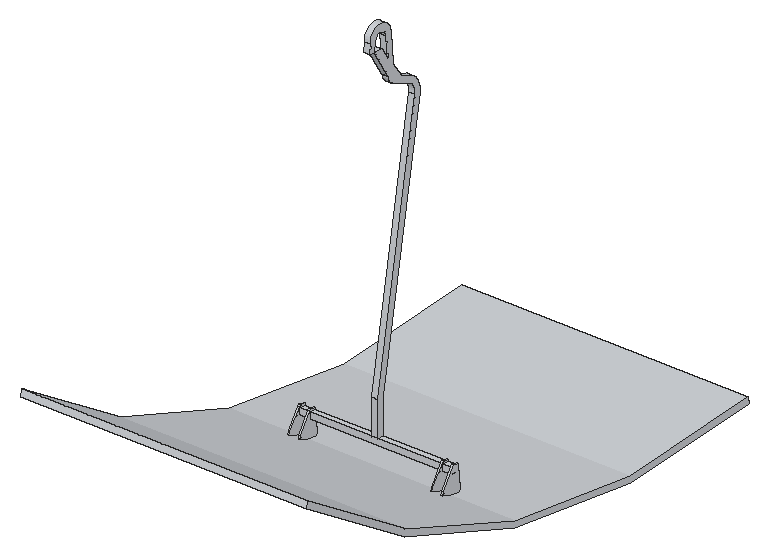
Revit family "8ft Forte Ceiling Panel", category Furniture, Revit 2011
Parameters (values of type "Forte 6' Ceiling")
  URL = "http://www.wengercorp.com/Home/Contact.html"
  Toekick Material [instance] = none
  RH End Panel [instance] = no
  Model = "60"
  Manufacturer = "Wenger Corporation"
  LH End Panel [instance] = no
  End Panel Material [instance] = none
  Edge Banding Material [instance] = none
  Door Material [instance] = none
  Description = "Standard 16' Forte Tower"
  Assembly Code = ""
Reference planes (in)
  plane 1 "Top View 2D location": z = 270
  plane 2: x = 22.64221
  plane 3: x = 46.64221
  plane 4: x = 34.64221
  plane 5: y = 855.02239
  plane 6: z = 199.94228
Forms (in)
  Extrusion 1, solid
    sketch origin (58.64221, 215.19255, -2.80995) x (0, -0.994874, -0.101123) y (0, -0.101123, 0.994874)
      loop
        arc (-614.16351, 160.74898) -> (-655.27769, 134.38354) -> (-703.49652, 126.60806) r 119.86705
        line (-703.49652, 126.60806) -> (-703.42534, 125.61)
        arc (-703.42534, 125.61) -> (-655.02787, 133.38016) -> (-613.69786, 159.73393) r 120.84666
        line (-613.69786, 159.73393) -> (-614.16351, 160.74898)
    from 0 to 48
  Extrusion 2, solid
    sketch origin (47.39227, 177.94081, 64.71877) x (0, 1, 0) y (0, 0, 1)
      loop
        line (674.00797, 132.83014) -> (677.38539, 131.92516) -> (677.56163, 132.58292) -> (677.27009, 136.39071) -> (676.32685, 136.64345) -> (674.17486, 133.45299) -> (674.00797, 132.83014)
    from 0 to 0.25
  Extrusion 3, solid
    sketch origin (45.64221, 177.94081, 64.71877) x (0, 1, 0) y (0, 0, 1)
      loop
        line (674.00797, 132.83014) -> (677.38539, 131.92516) -> (677.56163, 132.58292) -> (677.27009, 136.39071) -> (676.32685, 136.64345) -> (674.17486, 133.45299) -> (674.00797, 132.83014)
    from 0 to 0.25
  Extrusion 4, solid
    sketch origin (23.39227, 177.94081, 64.71877) x (0, 1, 0) y (0, 0, 1)
      loop
        line (674.00797, 132.83014) -> (677.38539, 131.92516) -> (677.56163, 132.58292) -> (677.27009, 136.39071) -> (676.32685, 136.64345) -> (674.17486, 133.45299) -> (674.00797, 132.83014)
    from 0 to 0.25
  Extrusion 5, solid
    sketch origin (21.64221, 177.94081, 64.71877) x (0, 1, 0) y (0, 0, 1)
      loop
        line (674.00797, 132.83014) -> (677.38539, 131.92516) -> (677.56163, 132.58292) -> (677.27009, 136.39071) -> (676.32685, 136.64345) -> (674.17486, 133.45299) -> (674.00797, 132.83014)
    from 0 to 0.25
  Extrusion 6, solid
    sketch origin (47.64221, 177.94081, 64.71877) x (0, -1, 0) y (0, 0, 1)
      loop
        line (-676.08984, 136.22351) -> (-677.08984, 136.22351) -> (-677.08984, 135.22351) -> (-676.08984, 135.22351) -> (-676.08984, 136.22351)
    from -0.00006 to 26
  Extrusion 7, solid
    sketch origin (35.14221, 177.94081, 64.71877) x (0, -1, 0) y (0, 0, 1)
      loop
        line (-676.08984, 136.22351) -> (-676.08984, 142.15091) -> (-683.74531, 184.74649)
        arc (-683.74531, 184.74649) -> (-683.52247, 186.04739) -> (-682.53733, 186.92575) r 1.99868
        line (-682.53733, 186.92575) -> (-679.18968, 188.30833)
        arc (-679.18968, 188.30833) -> (-678.51213, 188.86132) -> (-678.25322, 189.69669) r 1.51471
        line (-678.25322, 189.69669) -> (-678.22809, 189.98616) -> (-678.11876, 189.92046) -> (-675.41481, 194.42059) -> (-675.61622, 194.54161) -> (-676.79761, 194.54161) -> (-678.02626, 192.52702) -> (-677.71045, 196.13677)
        arc (-677.71045, 196.13677) -> (-676.60544, 197.16721) -> (-675.46514, 196.17596) r 1.12901
        line (-675.46514, 196.17596) -> (-675.28077, 194.67438) -> (-674.29725, 194.79514) -> (-674.47868, 196.27279)
        arc (-674.47868, 196.27279) -> (-676.48611, 198.40857) -> (-678.68271, 196.46788) r 2.10527
        line (-678.68271, 196.46788) -> (-679.13378, 191.31212) -> (-681.0882, 188.62209) -> (-683.26307, 187.69892) -> (-683.58867, 187.4793) -> (-683.92627, 187.17532) -> (-684.22577, 186.8184) -> (-684.46298, 186.45311) -> (-684.66827, 185.88909) -> (-684.74174, 185.54344) -> (-684.77793, 185.12974) -> (-684.72834, 184.56291) -> (-677.11492, 142.20128) -> (-677.10486, 142.08627) -> (-677.08984, 141.91467) -> (-677.08984, 136.22351) -> (-676.08984, 136.22351)
    from 0 to 1
Dimensions and locks (in)
  equal spacing: plane 2, plane 4, plane 3, locked at 12 each
  Extrusion 1 sketch curve to Extrusion 1 sketch curve = 0' - 1.11676"
  locked: Extrusion 1 sketch curve to Extrusion 1 sketch curve at 1.00059
  Extrusion 1 to Extrusion 5 to Extrusion 4 to Extrusion 7 to Extrusion 7 to Extrusion 3 to Extrusion 2 to Extrusion 1 = 0' - 11 1/4", 0' - 1.75006" locked, 0' - 10.49994" locked, 0' - 1" locked, 0' - 10 1/2" locked, 0' - 1.75006" locked, 0' - 11.24994"
  locked: Extrusion 2 to Extrusion 2 at 0.25
  locked: Extrusion 3 to Extrusion 3 at 0.25
  Extrusion 7 to Extrusion 7 = 0' - 1"
  locked: Extrusion 4 to Extrusion 4 at 0.25
  locked: Extrusion 5 to Extrusion 5 at 0.25
  plane 5 to Extrusion 7 = 0' - 7.69636"
  Extrusion 2 to plane 6 = 0' - 1.41994"
  locked: Extrusion 7 to plane 5 at 0.99174
  locked: Extrusion 6 to plane 6 at 1
  Extrusion 7 to plane 6 = 5' - 3.18732"
  radius of Extrusion 1 sketch curve = 9' - 11.86705"
Automatic sketch dimensions
  Extrusion 2 sketch curve to Extrusion 2 sketch curve = 0' - 0.16689"
  Extrusion 2 sketch curve to plane 1 "Top View 2D location" = 6' - 1.35607"
  Extrusion 2 sketch curve to Extrusion 2 sketch curve = 0' - 0.65775"
  Extrusion 2 sketch curve to Extrusion 2 sketch curve = 0' - 3.80779"
  Extrusion 2 sketch curve to Extrusion 2 sketch curve = 0' - 0.25274"
  Extrusion 3 sketch curve to Extrusion 3 sketch curve = 0' - 0.16689"
  Extrusion 3 sketch curve to plane 1 "Top View 2D location" = 6' - 1.35607"
  Extrusion 3 sketch curve to Extrusion 3 sketch curve = 0' - 0.65775"
  Extrusion 3 sketch curve to Extrusion 3 sketch curve = 0' - 3.80779"
  Extrusion 3 sketch curve to Extrusion 3 sketch curve = 0' - 0.25274"
  Extrusion 4 sketch curve to Extrusion 4 sketch curve = 0' - 0.16689"
  Extrusion 4 sketch curve to plane 1 "Top View 2D location" = 6' - 1.35607"
  Extrusion 4 sketch curve to Extrusion 4 sketch curve = 0' - 0.65775"
  Extrusion 4 sketch curve to Extrusion 4 sketch curve = 0' - 3.80779"
  Extrusion 4 sketch curve to Extrusion 4 sketch curve = 0' - 0.25274"
  Extrusion 5 sketch curve to Extrusion 5 sketch curve = 0' - 0.16689"
  Extrusion 5 sketch curve to plane 1 "Top View 2D location" = 6' - 1.35607"
  Extrusion 5 sketch curve to Extrusion 5 sketch curve = 0' - 0.65775"
  Extrusion 5 sketch curve to Extrusion 5 sketch curve = 0' - 3.80779"
  Extrusion 5 sketch curve to Extrusion 5 sketch curve = 0' - 0.25274"
  Extrusion 6 sketch curve to plane 1 "Top View 2D location" = 5' - 10.05772"
  Extrusion 6 sketch curve to Extrusion 6 sketch curve = 0' - 1"  (x2)
  Extrusion 7 sketch curve to Extrusion 7 sketch curve = 0' - 0.10934"
  Extrusion 7 sketch curve to Extrusion 7 sketch curve = 0' - 0.13446"
  Extrusion 7 sketch curve to Extrusion 7 sketch curve = 0' - 0.97226"
  Extrusion 7 sketch curve to Extrusion 7 sketch curve = 0' - 0.90568"
  Extrusion 7 sketch curve to Extrusion 7 sketch curve = 0' - 0.93646"
  Extrusion 7 sketch curve to Extrusion 7 sketch curve = 0' - 0.5782"
  Extrusion 7 sketch curve to Extrusion 7 sketch curve = 0' - 1 41/128"
  Extrusion 7 sketch curve to Extrusion 7 sketch curve = 0' - 0.68619"
  Extrusion 7 sketch curve to Extrusion 7 sketch curve = 0' - 0.76295"
  Extrusion 7 sketch curve to Extrusion 7 sketch curve = 0' - 0.72574"
  Extrusion 7 sketch curve to Extrusion 7 sketch curve = 0' - 0.3256"
  Extrusion 7 sketch curve to Extrusion 7 sketch curve = 0' - 1.97093"
  Extrusion 7 sketch curve to Extrusion 7 sketch curve = 0' - 0.3376"
  Extrusion 7 sketch curve to Extrusion 7 sketch curve = 0' - 0.29949"
  Extrusion 7 sketch curve to Extrusion 7 sketch curve = 0' - 0.23722"
  Extrusion 7 sketch curve to Extrusion 7 sketch curve = 0' - 0.20529"
  Extrusion 7 sketch curve to Extrusion 7 sketch curve = 0' - 0.98303"
  Extrusion 7 sketch curve to Extrusion 7 sketch curve = 0' - 0.07347"
  Extrusion 7 sketch curve to Extrusion 7 sketch curve = 0' - 0.03619"
  Extrusion 7 sketch curve to Extrusion 7 sketch curve = 0' - 0.00203"
  Extrusion 7 sketch curve to Extrusion 7 sketch curve = 0' - 1.18139"
  Extrusion 7 sketch curve to Extrusion 7 sketch curve = 0' - 1.11856"
  Extrusion 7 sketch curve to Extrusion 7 sketch curve = 0' - 0.20141"
  Extrusion 7 sketch curve to Extrusion 7 sketch curve = 0' - 0.13404"
  Extrusion 7 sketch curve to Extrusion 7 sketch curve = 0' - 0.98645"
  Extrusion 7 sketch curve to Extrusion 7 sketch curve = 0' - 0.98352"
  Extrusion 7 sketch curve to plane 1 "Top View 2D location" = 5' - 9.05772"
  Extrusion 7 sketch curve to Extrusion 7 sketch curve = 0' - 5.69116"
  Extrusion 7 sketch curve to Extrusion 7 sketch curve = 0' - 0.1716"
  Extrusion 7 sketch curve to Extrusion 7 sketch curve = 0' - 0.06464"
  Extrusion 7 sketch curve to Extrusion 7 sketch curve = 0' - 0.11501"
  Extrusion 7 sketch curve to plane 1 "Top View 2D location" = 1' - 8.71832"
  Extrusion 7 sketch curve to Extrusion 7 sketch curve = 0' - 0 47/256"
  Extrusion 7 sketch curve to Extrusion 7 sketch curve = 0' - 0.33192"
  Extrusion 7 sketch curve to Extrusion 7 sketch curve = 0' - 0.56683"
  Extrusion 7 sketch curve to Extrusion 7 sketch curve = 0' - 0.4137"
  Extrusion 7 sketch curve to Extrusion 7 sketch curve = 0' - 0.34565"
  Extrusion 7 sketch curve to Extrusion 7 sketch curve = 0' - 0.56402"
  Extrusion 7 sketch curve to Extrusion 7 sketch curve = 0' - 0.36529"
  Extrusion 7 sketch curve to Extrusion 7 sketch curve = 0' - 0.35692"
  Extrusion 7 sketch curve to Extrusion 7 sketch curve = 0' - 0.30398"
  Extrusion 7 sketch curve to Extrusion 7 sketch curve = 0' - 0.21962"
  Extrusion 7 sketch curve to Extrusion 7 sketch curve = 0' - 1.38258"
  Extrusion 7 sketch curve to Extrusion 7 sketch curve = 0' - 0.31376"
  Extrusion 7 sketch curve to Extrusion 7 sketch curve = 0' - 1.38836"
  Extrusion 7 sketch curve to Extrusion 7 sketch curve = 0' - 0.22378"
  Extrusion 7 sketch curve to Extrusion 7 sketch curve = 0' - 0.0657"
  Extrusion 7 sketch curve to Extrusion 7 sketch curve = 0' - 1.32597"
  Extrusion 7 sketch curve to Extrusion 7 sketch curve = 0' - 1.2149"
  Extrusion 7 sketch curve to Extrusion 7 sketch curve = 0' - 0.25378"
  Extrusion 7 sketch curve to Extrusion 7 sketch curve = 0' - 0.12076"
  Extrusion 7 sketch curve to Extrusion 7 sketch curve = 0' - 0.13759"
  Extrusion 7 sketch curve to Extrusion 7 sketch curve = 0' - 0.26719"
  Extrusion 2 sketch curve to Extrusion 2 sketch curve = 0' - 2.15199"
  Extrusion 2 sketch curve to Extrusion 2 sketch curve = 0' - 0.94324"
  Extrusion 2 sketch curve to Extrusion 2 sketch curve = 0' - 3.37742"
  Extrusion 2 sketch curve to Extrusion 2 sketch curve = 0' - 0.17624"
  Extrusion 3 sketch curve to Extrusion 3 sketch curve = 0' - 2.15199"
  Extrusion 3 sketch curve to Extrusion 3 sketch curve = 0' - 0.94324"
  Extrusion 3 sketch curve to Extrusion 3 sketch curve = 0' - 3.37742"
  Extrusion 3 sketch curve to Extrusion 3 sketch curve = 0' - 0.17624"
  Extrusion 4 sketch curve to Extrusion 4 sketch curve = 0' - 2.15199"
  Extrusion 4 sketch curve to Extrusion 4 sketch curve = 0' - 0.94324"
  Extrusion 4 sketch curve to Extrusion 4 sketch curve = 0' - 3.37742"
  Extrusion 4 sketch curve to Extrusion 4 sketch curve = 0' - 0.17624"
  Extrusion 5 sketch curve to Extrusion 5 sketch curve = 0' - 2.15199"
  Extrusion 5 sketch curve to Extrusion 5 sketch curve = 0' - 0.94324"
  Extrusion 5 sketch curve to Extrusion 5 sketch curve = 0' - 3.37742"
  Extrusion 5 sketch curve to Extrusion 5 sketch curve = 0' - 0.17624"
  Extrusion 7 sketch curve to plane 1 "Top View 2D location" = 0' - 8.81335"
  Extrusion 7 sketch curve to Extrusion 7 sketch curve = 0' - 0.45107"
  Extrusion 7 sketch curve to Extrusion 7 sketch curve = 0' - 1.10752"
  Extrusion 7 sketch curve to Extrusion 7 sketch curve = 0' - 0.01006"
  Extrusion 7 sketch curve to Extrusion 7 sketch curve = 0' - 0.01501"
  Extrusion 7 sketch curve to Extrusion 7 sketch curve = 0' - 0.91284"
  Extrusion 7 sketch curve to Extrusion 7 sketch curve = 0' - 1"
  Extrusion 2 sketch curve to plane 5 = 0' - 3.07361"
  Extrusion 3 sketch curve to plane 5 = 0' - 3.07361"
  Extrusion 4 sketch curve to plane 5 = 0' - 3.07361"
  Extrusion 5 sketch curve to plane 5 = 0' - 3.07361"
  plane 5 to Extrusion 6 sketch curve = 0' - 0.00826"
  plane 5 to Extrusion 7 sketch curve = 0' - 7.69636"
  plane 5 to Extrusion 7 sketch curve = 0' - 0.03334"
  Extrusion 1 sketch curve to plane 6 = 0' - 5.65344"
  plane 5 to Extrusion 1 sketch curve = 3' - 11.25751"
  Extrusion 1 sketch curve to Extrusion 1 sketch curve = 0' - 0.07118"
  Extrusion 1 sketch curve to Extrusion 1 sketch curve = 0' - 5.42711"
  Extrusion 1 sketch curve to Extrusion 1 sketch curve = 0' - 0.08443"
  Extrusion 1 sketch curve to Extrusion 1 sketch curve = 7' - 5.33301"
  Extrusion 1 sketch curve to Extrusion 1 sketch curve = 0' - 0.46565"
Nested families (in)
  nested 1: "Labels" at (34.95498, 802.0836, 0), type "8'"
Definition of nested family "Labels"
  Parameters (values of type "Standard")
    Cabinet Label = "01"
  Types (4): name | Cabinet Label
    Standard | "01"
    Narrow | "01N"
    Narrow Acoustic | "01NA"
    Acoustic | "01A"
  Reference planes (in)
    plane 1: y = 0
    plane 2: x = 0
  Text (in)
    label "xxxx" at (-0.00018, 0.00754, 0), shows "Cabinet Label"
